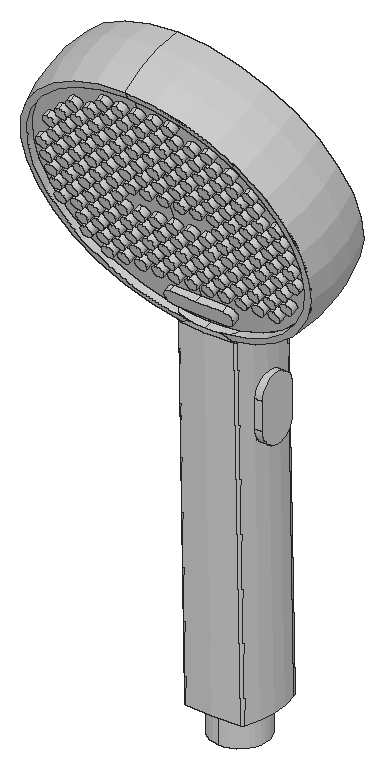
Revit family "Sanitary_Showers_hansgrohe_28035XXX-Activera-Select-S-Hand-shower-95_2jet_EcoSmart_booster", category Plumbing Fixtures, host Face, Revit 2022
Family settings
  Host = Face
  Round Connector Dimension = Use Diameter
  Part Type = Normal
  OmniClass Number = 23.31.17.00
  OmniClass Title = Showers
  Cut with Voids When Loaded = No
  Maintain Annotation Orientation = No
  Shared = No
  Room Calculation Point = No
Parameters (values of type "000 Chrome")
  Version = 1  # constant formula
  URL = "https://www.hansgrohe.com/"
  Product data url = "https://www.bimobject.com/en/hansgrohe/product/28035XXX"
  Product Page URL = "https://www.hansgrohe.com/articledetail--28035000"
  Model = "28035XXX"  # constant formula
  Material 1 = Hansgrohe - Metal - 000 Chrome
  Manufacturer = "Hansgrohe"  # constant formula
  Description = "Activera Select S Hand shower 95 2jet EcoSmart with booster"  # constant formula
  Default Elevation = 0 mm
  Date Updated = ""
  Date Created = "2025/02/21"  # constant formula
Types (3, lengths in mm): name | Material 1
  (no name) | Hansgrohe - Metal - 000 Chrome
  000 Chrome | Hansgrohe - Metal - 000 Chrome
  670 Matte Black | Hansgrohe - Metal - 670 Matte Black
Reference planes
  plane 1 "Center (Front/Back)": y = 0
  plane 2: z = 0
  plane 3 "Center (Left/Right)": x = 0
Forms (mm)
  Revolve 1, solid, material "Hansgrohe - Metal - 000 Chrome" <- "Material 1"
    sketch origin (0, 32.428, -26.033) x (0, 0.258819, 0.965926) y (0, -0.965926, 0.258819)
      loop
        line (14.416, 46.785) -> (4.756, 44.197) -> (7.094, 35.473) -> (16.753, 38.061) -> (14.416, 46.785)
      axis (16.753, 38.061) -> (7.094, 35.473)
    angle from 0 to 360
  Sweep 2, solid, material "Hansgrohe - Metal - 000 Chrome" <- "Material 1", detail levels fine
    path origin (0, 32.428, -26.033) x (0, 0.258819, 0.965926) y (0, -0.965926, 0.258819)
      loop
        line (7.175, 35.17) -> (130.749, 71.54)
        arc (130.749, 71.54) -> (134.829, 73.141) -> (138.567, 75.431) r 25
    profile origin (0, 0.313, -10) x (0, -0.999701, -0.024432) y (1, 0, 0)
      loop
        arc (10.586, -10.12) -> (11.012, -9.82) -> (11.229, -9.347) r 1
        arc (11.229, -9.347) -> (12.014, 0) -> (11.229, 9.347) r 56.037
        arc (11.229, 9.347) -> (11.012, 9.82) -> (10.586, 10.12) r 1
        arc (10.586, 10.12) -> (0, 11.994) -> (-10.586, 10.12) r 30.835
        arc (-10.586, 10.12) -> (-11.012, 9.82) -> (-11.229, 9.347) r 1
        arc (-11.229, 9.347) -> (-12.014, 0) -> (-11.229, -9.347) r 56.037
        arc (-11.229, -9.347) -> (-11.012, -9.82) -> (-10.586, -10.12) r 1
        arc (-10.586, -10.12) -> (0, -11.994) -> (10.586, -10.12) r 30.835
  Revolve 3, solid, material "Hansgrohe - Metal - 000 Chrome" <- "Material 1", detail levels fine
    sketch origin (0, 32.428, -26.033) x (0, 0.258819, 0.965926) y (0, -0.965926, 0.258819)
      loop
        arc (218.266, 119.458) -> (212.668, 130.299) -> (204.087, 138.974) r 40.382
        line (204.087, 138.974) -> (202.453, 137.763) -> (203.859, 135.865) -> (167.081, 108.75) -> (180.835, 90.188)
        arc (180.835, 90.188) -> (199.798, 104.506) -> (218.266, 119.458) r 702.416
      axis (165.741, 110.559) -> (180.835, 90.188)
    angle from 0 to 360
  Revolve 4, void
    sketch origin (0, 32.428, -26.033) x (0, 0.258819, 0.965926) y (0, -0.965926, 0.258819)
      loop
        line (169.372, 105.658) -> (206.15, 132.773) -> (200.414, 140.514) -> (163.702, 113.31) -> (169.372, 105.658)
      axis (163.702, 113.31) -> (169.438, 105.569)
    angle from 0 to 360
  Extrusion 5, solid, material "Hansgrohe - Metal - 000 Chrome" <- "Material 1", detail levels fine
    sketch origin (0, -29.27, 163.542) x (0, -0.367123, 0.930172) y (-1, 0, 0)
      loop
        circle (-1.101, 39.597) r 2
      loop
        circle (-1.101, 33.958) r 2
      loop
        circle (-1.101, 28.283) r 2
      loop
        circle (-1.101, 22.759) r 2
      loop
        circle (-1.101, 17.011) r 2
      loop
        circle (4.399, 39.597) r 2
      loop
        circle (4.399, 33.958) r 2
      loop
        circle (4.399, 28.283) r 2
      loop
        circle (4.399, 22.759) r 2
      loop
        circle (4.399, 17.011) r 2
      loop
        circle (4.399, 11.097) r 2
      loop
        circle (4.399, 5.573) r 2
      loop
        circle (4.399, -0.175) r 2
      loop
        circle (9.899, 39.597) r 2
      loop
        circle (9.899, 33.958) r 2
      loop
        circle (9.899, 28.283) r 2
      loop
        circle (9.899, 22.759) r 2
      loop
        circle (9.899, 17.011) r 2
      loop
        circle (9.899, 11.097) r 2
      loop
        circle (9.899, 5.573) r 2
      loop
        circle (9.899, -0.175) r 2
      loop
        circle (15.399, 33.958) r 2
      loop
        circle (15.399, 28.283) r 2
      loop
        circle (15.399, 22.759) r 2
      loop
        circle (15.399, 17.011) r 2
      loop
        circle (15.399, 11.097) r 2
      loop
        circle (15.399, 5.573) r 2
      loop
        circle (15.399, -0.175) r 2
      loop
        circle (20.899, 33.958) r 2
      loop
        circle (20.899, 28.283) r 2
      loop
        circle (20.899, 22.759) r 2
      loop
        circle (20.899, 17.011) r 2
      loop
        circle (20.899, 11.097) r 2
      loop
        circle (20.899, 5.573) r 2
      loop
        circle (20.899, -0.175) r 2
      loop
        circle (26.399, 28.283) r 2
      loop
        circle (26.399, 22.759) r 2
      loop
        circle (26.399, 17.011) r 2
      loop
        circle (26.399, 11.097) r 2
      loop
        circle (26.399, 5.573) r 2
      loop
        circle (26.399, -0.175) r 2
      loop
        circle (31.899, 22.759) r 2
      loop
        circle (31.899, 17.011) r 2
      loop
        circle (31.899, 11.097) r 2
      loop
        circle (31.899, 5.573) r 2
      loop
        circle (31.899, -0.175) r 2
      loop
        circle (37.399, 11.097) r 2
      loop
        circle (37.399, 5.573) r 2
      loop
        circle (37.399, -0.175) r 2
      loop
        circle (-1.101, -39.947) r 2
      loop
        circle (-1.101, -34.307) r 2
      loop
        circle (-1.101, -28.633) r 2
      loop
        circle (-1.101, -23.108) r 2
      loop
        circle (-1.101, -17.361) r 2
      loop
        circle (4.399, -39.947) r 2
      loop
        circle (4.399, -34.307) r 2
      loop
        circle (4.399, -28.633) r 2
      loop
        circle (4.399, -23.108) r 2
      loop
        circle (4.399, -17.361) r 2
      loop
        circle (4.399, -11.447) r 2
      loop
        circle (4.399, -5.922) r 2
      loop
        circle (9.899, -39.947) r 2
      loop
        circle (9.899, -34.307) r 2
      loop
        circle (9.899, -28.633) r 2
      loop
        circle (9.899, -23.108) r 2
      loop
        circle (9.899, -17.361) r 2
      loop
        circle (9.899, -11.447) r 2
      loop
        circle (9.899, -5.922) r 2
      loop
        circle (15.399, -34.307) r 2
      loop
        circle (15.399, -28.633) r 2
      loop
        circle (15.399, -23.108) r 2
      loop
        circle (15.399, -17.361) r 2
      loop
        circle (15.399, -11.447) r 2
      loop
        circle (15.399, -5.922) r 2
      loop
        circle (20.899, -34.307) r 2
      loop
        circle (20.899, -28.633) r 2
      loop
        circle (20.899, -23.108) r 2
      loop
        circle (20.899, -17.361) r 2
      loop
        circle (20.899, -11.447) r 2
      loop
        circle (20.899, -5.922) r 2
      loop
        circle (26.399, -28.633) r 2
      loop
        circle (26.399, -23.108) r 2
      loop
        circle (26.399, -17.361) r 2
      loop
        circle (26.399, -11.447) r 2
      loop
        circle (26.399, -5.922) r 2
      loop
        circle (31.899, -23.108) r 2
      loop
        circle (31.899, -17.361) r 2
      loop
        circle (31.899, -11.447) r 2
      loop
        circle (31.899, -5.922) r 2
      loop
        circle (37.399, -11.447) r 2
      loop
        circle (37.399, -5.922) r 2
      loop
        circle (-6.601, 39.597) r 2
      loop
        circle (-6.601, 33.958) r 2
      loop
        circle (-6.601, 28.283) r 2
      loop
        circle (-6.601, 22.759) r 2
      loop
        circle (-6.601, 17.011) r 2
      loop
        circle (-6.601, 11.097) r 2
      loop
        circle (-6.601, 5.573) r 2
      loop
        circle (-6.601, -0.175) r 2
      loop
        circle (-12.101, 39.597) r 2
      loop
        circle (-12.101, 33.958) r 2
      loop
        circle (-12.101, 28.283) r 2
      loop
        circle (-12.101, 22.759) r 2
      loop
        circle (-12.101, 17.011) r 2
      loop
        circle (-12.101, 11.097) r 2
      loop
        circle (-12.101, 5.573) r 2
      loop
        circle (-12.101, -0.175) r 2
      loop
        circle (-17.601, 33.958) r 2
      loop
        circle (-17.601, 28.283) r 2
      loop
        circle (-17.601, 22.759) r 2
      loop
        circle (-17.601, 17.011) r 2
      loop
        circle (-17.601, 11.097) r 2
      loop
        circle (-17.601, 5.573) r 2
      loop
        circle (-17.601, -0.175) r 2
      loop
        circle (-23.101, 33.958) r 2
      loop
        circle (-23.101, 28.283) r 2
      loop
        circle (-23.101, 22.759) r 2
      loop
        circle (-23.101, 17.011) r 2
      loop
        circle (-23.101, 11.097) r 2
      loop
        circle (-23.101, 5.573) r 2
      loop
        circle (-23.101, -0.175) r 2
      loop
        circle (-28.601, 28.283) r 2
      loop
        circle (-28.601, 22.759) r 2
      loop
        circle (-28.601, 17.011) r 2
      loop
        circle (-28.601, 11.097) r 2
      loop
        circle (-28.601, 5.573) r 2
      loop
        circle (-28.601, -0.175) r 2
      loop
        circle (-6.601, -39.947) r 2
      loop
        circle (-6.601, -34.307) r 2
      loop
        circle (-6.601, -28.633) r 2
      loop
        circle (-6.601, -23.108) r 2
      loop
        circle (-6.601, -17.361) r 2
      loop
        circle (-6.601, -11.447) r 2
      loop
        circle (-6.601, -5.922) r 2
      loop
        circle (-12.101, -39.947) r 2
      loop
        circle (-12.101, -34.307) r 2
      loop
        circle (-12.101, -28.633) r 2
      loop
        circle (-12.101, -23.108) r 2
      loop
        circle (-12.101, -17.361) r 2
      loop
        circle (-12.101, -11.447) r 2
      loop
        circle (-12.101, -5.922) r 2
      loop
        circle (-17.601, -34.307) r 2
      loop
        circle (-17.601, -28.633) r 2
      loop
        circle (-17.601, -23.108) r 2
      loop
        circle (-17.601, -17.361) r 2
      loop
        circle (-17.601, -11.447) r 2
      loop
        circle (-17.601, -5.922) r 2
      loop
        circle (-23.101, -34.307) r 2
      loop
        circle (-23.101, -28.633) r 2
      loop
        circle (-23.101, -23.108) r 2
      loop
        circle (-23.101, -17.361) r 2
      loop
        circle (-23.101, -11.447) r 2
      loop
        circle (-23.101, -5.922) r 2
      loop
        circle (-28.601, -28.633) r 2
      loop
        circle (-28.601, -23.108) r 2
      loop
        circle (-28.601, -17.361) r 2
      loop
        circle (-28.601, -11.447) r 2
      loop
        circle (-28.601, -5.922) r 2
      loop
        arc (-35.319, 8.9) -> (-38.089, 11.669) -> (-40.858, 8.9) r 2.769
        line (-40.858, 8.9) -> (-40.858, 0) -> (-40.858, -8.9)
        arc (-40.858, -8.9) -> (-38.089, -11.669) -> (-35.319, -8.9) r 2.769
        line (-35.319, -8.9) -> (-35.319, 0) -> (-35.319, 8.9)
    from 0 to 2.362
  Sweep 6, solid, material "Hansgrohe - Metal - 000 Chrome" <- "Material 1", detail levels medium
    path origin (0, 32.428, -26.033) x (0, 0.258819, 0.965926) y (0, -0.965926, 0.258819)
      loop
        line (7.175, 35.17) -> (130.749, 71.54)
        arc (130.749, 71.54) -> (134.829, 73.141) -> (138.567, 75.431) r 25
    profile origin (0, 0.313, -10) x (0, -0.999701, -0.024432) y (1, 0, 0)
      loop
        arc (10.586, -10.12) -> (11.012, -9.82) -> (11.229, -9.347) r 1
        arc (11.229, -9.347) -> (12.014, 0) -> (11.229, 9.347) r 56.037
        arc (11.229, 9.347) -> (11.012, 9.82) -> (10.586, 10.12) r 1
        arc (10.586, 10.12) -> (0, 11.994) -> (-10.586, 10.12) r 30.835
        arc (-10.586, 10.12) -> (-11.012, 9.82) -> (-11.229, 9.347) r 1
        arc (-11.229, 9.347) -> (-12.014, 0) -> (-11.229, -9.347) r 56.037
        arc (-11.229, -9.347) -> (-11.012, -9.82) -> (-10.586, -10.12) r 1
        arc (-10.586, -10.12) -> (0, -11.994) -> (10.586, -10.12) r 30.835
  Revolve 7, solid, material "Hansgrohe - Metal - 000 Chrome" <- "Material 1", detail levels coarse+medium
    sketch origin (0, 32.428, -26.033) x (0, 0.258819, 0.965926) y (0, -0.965926, 0.258819)
      loop
        line (180.193, 91.055) -> (219.929, 120.5) -> (205.403, 140.104) -> (165.666, 110.66) -> (180.193, 91.055)
      axis (165.666, 110.66) -> (180.193, 91.055)
    angle from 0 to 360
  Sweep 8, solid, material "Hansgrohe - Metal - 000 Chrome" <- "Material 1", detail levels coarse
    path origin (0, 32.428, -26.033) x (0, 0.258819, 0.965926) y (0, -0.965926, 0.258819)
      loop
        line (7.175, 35.17) -> (135.049, 72.805) -> (143.084, 78.759)
    profile origin (0, 0.313, -10) x (0, -0.999701, -0.024432) y (1, 0, 0)
      loop
        line (12.014, 11.994) -> (-12.014, 11.994) -> (-12.014, -11.994) -> (12.014, -11.994) -> (12.014, 11.994)
  Extrusion 9, void
    sketch origin (0, 0, -10) x (0, 1, 0) y (0, 0, 1)
      loop
        line (15.06, 10) -> (-20.935, 10) -> (-20.935, -2.815) -> (15.06, -2.815) -> (15.06, 10)
    from -25 to 25
  Extrusion 10, solid, material "Hansgrohe - Metal - 000 Chrome" <- "Material 1"
    sketch origin (0, 0, 0) x (0, 1, 0) y (0, 0, 1)
      loop
        arc (4.38, 99.734) -> (-1.882, 105.996) -> (-8.144, 99.734) r 6.262
        line (-8.144, 99.734) -> (-8.144, 90.317)
        arc (-8.144, 90.317) -> (-1.882, 84.055) -> (4.38, 90.317) r 6.262
        line (4.38, 90.317) -> (4.38, 99.734)
    from 10.5 to 14.5
Cuts and joins
  Revolve 4, Extrusion 9 cuts Sweep 2
  joined: Sweep 2, Revolve 3
  Extrusion 9 cuts Sweep 6
  Extrusion 9 cuts Sweep 8
Lines and regions (mm)
  Masking region 1
    outline origin (0, 32.428, -26.033) x (0, 0.258819, 0.965926) y (0, -0.965926, 0.258819)
      loop
        line (13.661, 49.602) -> (19.882, 26.386) -> (140.282, 61.822)
        arc (140.282, 61.822) -> (160.809, 75.648) -> (180.835, 90.188) r 702.416
        arc (180.835, 90.188) -> (199.798, 104.506) -> (218.266, 119.458) r 702.416
        arc (218.266, 119.458) -> (212.668, 130.299) -> (204.087, 138.974) r 40.382
        line (204.087, 138.974) -> (165.741, 110.559) -> (129.48, 83.69) -> (13.661, 49.602)
  Masking region 2
    outline origin (0, 0, 0) x (1, 0, 0) y (0, 0, 1)
      loop
        line (-11.994, 0) -> (11.994, 0) -> (11.994, 84.055) -> (14.5, 84.055) -> (14.5, 105.996) -> (11.994, 105.996) -> (11.994, 119.705)
        spline (11.994, 119.705) -> (16.981, 121.185) -> (21.763, 123.165) -> (26.284, 125.619) -> (30.488, 128.519) -> (34.326, 131.83) -> (37.751, 135.513) -> (40.722, 139.521) -> (43.203, 143.809) -> (45.164, 148.323) -> (46.582, 153.01) -> (47.44, 157.813) -> (47.727, 162.675)
        line (47.727, 162.675) -> (47.5, 171.53)
        spline (47.5, 171.53) -> (47.094, 177.297) -> (45.881, 182.966) -> (43.884, 188.438) -> (41.136, 193.622) -> (37.684, 198.427) -> (33.588, 202.772) -> (28.916, 206.583) -> (23.75, 209.794) -> (18.177, 212.35) -> (12.294, 214.208) -> (6.2, 215.335) -> (0, 215.713)
        spline (0, 215.713) -> (-6.2, 215.335) -> (-12.294, 214.208) -> (-18.177, 212.35) -> (-23.75, 209.794) -> (-28.916, 206.583) -> (-33.588, 202.772) -> (-37.684, 198.427) -> (-41.136, 193.622) -> (-43.884, 188.438) -> (-45.881, 182.966) -> (-47.094, 177.297) -> (-47.5, 171.53)
        line (-47.5, 171.53) -> (-47.727, 162.675)
        spline (-47.727, 162.675) -> (-47.44, 157.813) -> (-46.582, 153.01) -> (-45.164, 148.323) -> (-43.203, 143.809) -> (-40.722, 139.521) -> (-37.751, 135.513) -> (-34.326, 131.83) -> (-30.488, 128.519) -> (-26.284, 125.619) -> (-21.763, 123.165) -> (-16.981, 121.185) -> (-11.994, 119.705)
        line (-11.994, 119.705) -> (-11.994, 0)
  Masking region 3
    outline origin (0, 0, 0) x (1, 0, 0) y (0, 1, 0)
      loop
        spline (-11.994, 7.844) -> (-15.592, 7.442) -> (-19.092, 6.938) -> (-22.472, 6.334) -> (-25.712, 5.633) -> (-28.791, 4.84) -> (-31.689, 3.961) -> (-34.388, 3) -> (-36.873, 1.964) -> (-39.126, 0.858) -> (-41.133, -0.309) -> (-42.883, -1.531) -> (-44.365, -2.799)
        arc (-44.365, -2.799) -> (-49.59, -19.973) -> (-44.983, -37.322) r 32.766
        spline (-44.983, -37.322) -> (-43.115, -38.982) -> (-40.794, -40.562) -> (-38.045, -42.047) -> (-34.897, -43.42) -> (-31.382, -44.668) -> (-27.538, -45.778) -> (-23.404, -46.737) -> (-19.025, -47.536) -> (-14.447, -48.167) -> (-9.716, -48.622) -> (-4.884, -48.897) -> (0, -48.989)
        spline (0, -48.989) -> (4.884, -48.897) -> (9.716, -48.622) -> (14.447, -48.167) -> (19.025, -47.536) -> (23.404, -46.737) -> (27.538, -45.778) -> (31.382, -44.668) -> (34.897, -43.42) -> (38.045, -42.047) -> (40.794, -40.562) -> (43.115, -38.982) -> (44.983, -37.322)
        arc (44.983, -37.322) -> (49.59, -19.973) -> (44.365, -2.799) r 32.766
        spline (44.365, -2.799) -> (42.883, -1.531) -> (41.133, -0.309) -> (39.126, 0.858) -> (36.873, 1.964) -> (34.388, 3) -> (31.689, 3.961) -> (28.791, 4.84) -> (25.712, 5.633) -> (22.472, 6.334) -> (19.092, 6.938) -> (15.592, 7.442) -> (11.994, 7.844)
        line (11.994, 7.844) -> (11.994, 12.086) -> (0, 12.086) -> (-11.994, 12.086) -> (-11.994, 7.844)
  symbolic lines, detail levels medium+fine
    curve 1: arc (0, 8.409, 127.347) -> (0, -2.076, 121.106) -> (0, -13.946, 118.281) r 40.382
    curve 2: line (0, -13.946, 118.281) -> (0, -14.899, 120.695)
    curve 3: spline (0, 0, 207.069) -> (-6.042, 0, 206.711) -> (-11.986, 0, 205.646) -> (-17.738, 0, 203.888) -> (-23.205, 0, 201.468) -> (-28.297, 0, 198.424) -> (-32.935, 0, 194.804) -> (-37.043, 0, 190.667) -> (-40.555, 0, 186.08) -> (-43.414, 0, 181.116) -> (-45.574, 0, 175.856) -> (-47.002, 0, 170.384) -> (-47.673, 0, 164.787)
    curve 4: spline (0, 0, 207.069) -> (6.042, 0, 206.711) -> (11.986, 0, 205.646) -> (17.738, 0, 203.888) -> (23.205, 0, 201.468) -> (28.297, 0, 198.424) -> (32.935, 0, 194.804) -> (37.043, 0, 190.667) -> (40.555, 0, 186.08) -> (43.414, 0, 181.116) -> (45.574, 0, 175.856) -> (47.002, 0, 170.384) -> (47.673, 0, 164.787)
    curve 5: arc (11.994, 0, 119.705) -> (0, 0, 118.33) -> (-11.994, 0, 119.705) r 52.975
    curve 6: spline (0, 8.409, 0) -> (-1.01, 8.405, 0) -> (-2.02, 8.393, 0) -> (-3.029, 8.373, 0) -> (-4.037, 8.345, 0) -> (-5.043, 8.31, 0) -> (-6.046, 8.267, 0) -> (-7.047, 8.216, 0) -> (-8.045, 8.157, 0) -> (-9.038, 8.09, 0) -> (-10.028, 8.016, 0) -> (-11.014, 7.933, 0) -> (-11.994, 7.844, 0)
    curve 7: line (-11.994, 12.086, 0) -> (-11.994, 7.844, 0)
    curve 8: line (-11.994, 12.086, 0) -> (0, 12.086, 0)
    curve 9: line (11.994, 12.086, 0) -> (11.994, 7.844, 0)
    curve 10: line (11.994, 12.086, 0) -> (0, 12.086, 0)
    curve 11: spline (-47.5, -9.03, 0) -> (-47.094, -11.306, 0) -> (-45.881, -13.543, 0) -> (-43.884, -15.703, 0) -> (-41.136, -17.749, 0) -> (-37.684, -19.646, 0) -> (-33.588, -21.361, 0) -> (-28.916, -22.865, 0) -> (-23.75, -24.132, 0) -> (-18.177, -25.141, 0) -> (-12.294, -25.874, 0) -> (-6.2, -26.319, 0) -> (0, -26.468, 0)
    curve 12: spline (0, 8.409, 0) -> (1.01, 8.405, 0) -> (2.02, 8.393, 0) -> (3.029, 8.373, 0) -> (4.037, 8.345, 0) -> (5.043, 8.31, 0) -> (6.046, 8.267, 0) -> (7.047, 8.216, 0) -> (8.045, 8.157, 0) -> (9.038, 8.09, 0) -> (10.028, 8.016, 0) -> (11.014, 7.933, 0) -> (11.994, 7.844, 0)
    curve 13: spline (47.5, -9.03, 0) -> (47.094, -11.306, 0) -> (45.881, -13.543, 0) -> (43.884, -15.703, 0) -> (41.136, -17.749, 0) -> (37.684, -19.646, 0) -> (33.588, -21.361, 0) -> (28.916, -22.865, 0) -> (23.75, -24.132, 0) -> (18.177, -25.141, 0) -> (12.294, -25.874, 0) -> (6.2, -26.319, 0) -> (0, -26.468, 0)
    curve 14: arc (11.994, 0, 105.996) -> (11.482, 0, 95.025) -> (11.994, 0, 84.055) r 117.898
Dimensions and locks
  aligned and locked: plane 2 to host face
  aligned and locked: level to host face
